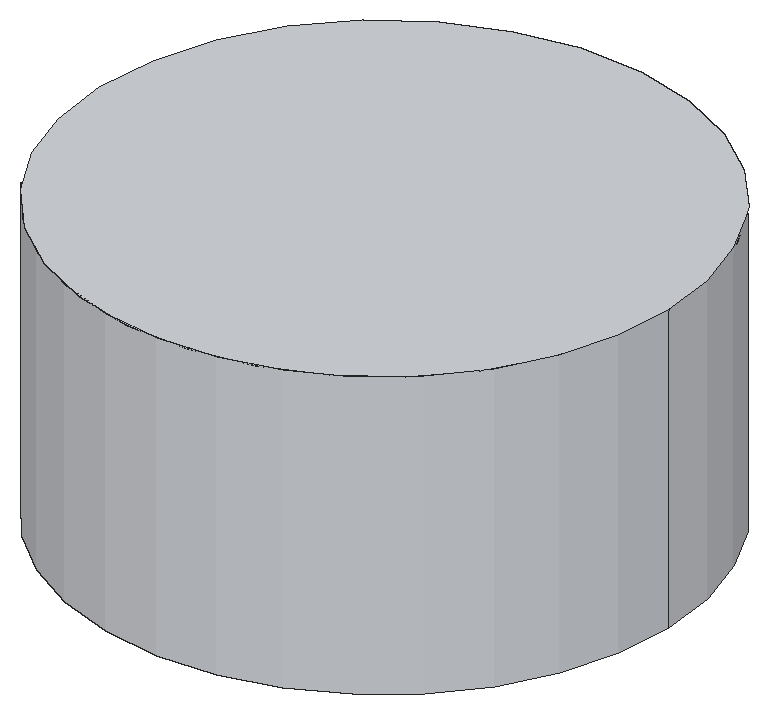
Revit family "08752000", category Specialty Equipment, Revit 2023
Family settings
  Round Connector Dimension = Use Diameter
  Part Type = Normal
  OmniClass Number = 23.40.40.00
  OmniClass Title = Food Service Equipment and Furnishings
  Work Plane-Based = No
  Enable Cutting in Views = Yes
  Always vertical = Yes
  Cut with Voids When Loaded = No
  Maintain Annotation Orientation = No
  Shared = No
  Room Calculation Point = No
Parameters (values of type "Standard")
  Default Elevation = 0 mm
Reference planes
  plane 1 "Center (Front/Back)": y = 0
  plane 2: z = 0
  plane 3 "Center (Left/Right)": x = 0
Forms (mm)
  Extrusion 1, solid
    sketch origin (193.141, -369.443, 455.25) x (1, 0, 0) y (0, 1, 0)
      loop
        circle (0, 0) r 3.048
    from 0 to -3.048
Dimensions and locks
  aligned and locked: level to plane 2
Connectors
  electrical at (193.141, -369.443, 455.25)
    settings: on Extrusion 1, index 1, voltage 230 V, apparent load 400 VA, apparent load phase1 0 VA, apparent load phase2 0 VA, apparent load phase3 0 VA, power factor 0, load classification "Other", number of poles 1, system type 30, power factor state 1, is connector primary yes, connector utility no, sub classification motor no, connector description "Nettledning"
